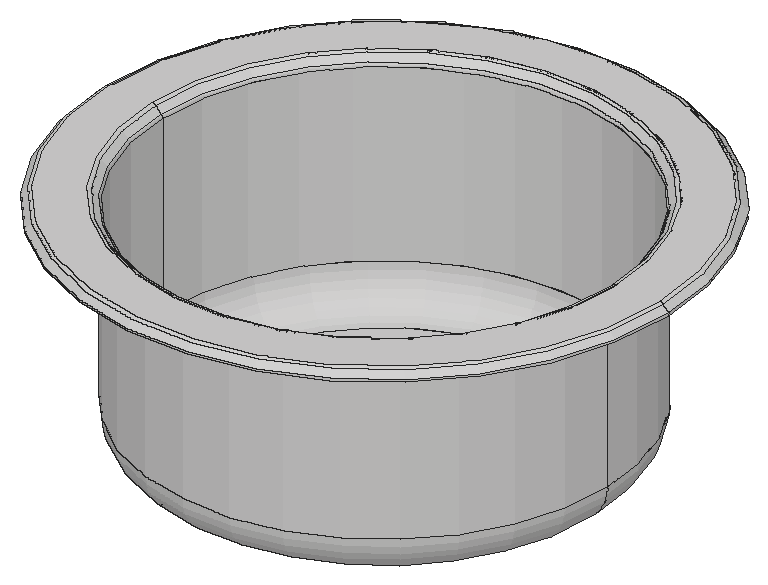
Revit family "Sink-Top_Undermount-Bar-KOHLER-Undertone_Lyric-K-3341", category Plumbing Fixtures, host Face, Revit 2017
Family settings
  Host = Face
  Round Connector Dimension = Use Diameter
  Part Type = Normal
  OmniClass Number = 23.31.13.00
  OmniClass Title = Sinks
  Cut with Voids When Loaded = No
  Shared = No
  Room Calculation Point = No
Parameters (values of type "NA-Stainless Steel")
  Width = 18 3/8"  # constant formula
  WaterSense Certified = 1 = 0  # no
  Waste Water Outlet = "Waste Water Outlet"  # constant formula
  Waste Connection = 1 = 1  # yes
  Vent Connection = 1 = 0  # no
  URL = "https://www.us.kohler.com/us/"
  Type = 1
  Product Page URL = "https://www.us.kohler.com/us/catalog/productDetails.jsp?productId=3341"
  Product Name = "Undertone Lyric"  # constant formula
  Product Documentation Link = "https://www.us.kohler.com/webassets/kpna/catalog/pdf/en/K-3341_spec_US-CA_Kohler_en.pdf"
  Model = "K-3341-NA"  # constant formula
  Material = "Premium 18-gauge stainless steel"  # constant formula
  Master Format 2014 Name = "Residential Lavatories and Sinks"  # constant formula
  Master Format 2014 = "22 41 16"  # constant formula
  Manufacturer Address = "444 Highland Dr, Kohler, WI 53044"  # constant formula
  Manufacturer = "KOHLER Co."  # constant formula
  Length = 18 3/8"  # constant formula
  Hot Water Inlet = "Hot Water Inlet"  # constant formula
  Height = 7 5/8"  # constant formula
  HW Connection = 1 = 0  # no
  Finish = Kohler-Metal-NA-Stainless
  Environmental Product Declaration = ""
  Drain Included = 1 = 0  # no
  Description = "UC SS 18 INCH ROUND SINK"  # constant formula
  Default Elevation = 36"
  Declare Label = ""
  Date Modified = "12/30/2020"  # constant formula
  Date Created = "12/30/2020"  # constant formula
  Copyright = "Copyright KOHLER Co."  # constant formula
  Contact Us = "https://www.us.kohler.com/us/static/contact.jsp"
  Cold Water Inlet = "Cold Water Inlet"  # constant formula
  CW Connection = 1 = 0  # no
  Assembly Code = "D2010400"
  ADA Compliant = 1 = 1  # yes
Reference planes (in)
  plane 1 "Center (Front/Back)": y = 0
  plane 2: z = 0
  plane 3 "Center (Left/Right)": x = 0
  plane 4: z = -1
  plane 5: z = -11.577
  plane 6: z = -8.625
  plane 7: y = 2.4375
  plane 8: y = 9.1875
  plane 9: x = -9.1875
  plane 10: y = -9.1875
  plane 11: x = 9.1875
  plane 12: x = -7.5
  plane 13: x = 7.5
  plane 14: y = 7.5
  plane 15: y = -7.5
Forms (in)
  Extrusion 1, void
    sketch origin (0, 0, 0) x (1, 0, 0) y (0, 1, 0)
      loop
        circle (0, 0) r 9.1875
    from -11.577 to -1
  Extrusion 2, void
    sketch origin (0, 0, 0) x (1, 0, 0) y (0, 1, 0)
      loop
        circle (0, 0) r 7.5
    from -1 to 2.52656
Dimensions and locks (in)
  locked: level to plane 4 at 1
  "Height": plane 4 to plane 6
  plane 4 to plane 5 = 10.577"
  level to plane 4 = 1"
  plane 6 to plane 4 = 7 5/8"
  plane 5 to plane 4 = 10.577"
  "Width": plane 9 to plane 11
  "Length": plane 10 to plane 8
  plane 7 to plane 8 = 6 3/4"
  plane 14 to plane 8 = 1 11/16"
  plane 9 to plane 3 "Center (Left/Right)" = 9 3/16"
  aligned and locked: plane 2 to host face
  aligned and locked: level to host face
Automatic sketch dimensions
  host sketch curve to host sketch curve = 96"  (x2)
  Extrusion 1 sketch curve to Extrusion 1 sketch curve = 0"  (x2)
  plane 1 "Center (Front/Back)" to Extrusion 1 sketch curve = 0"
  Extrusion 1 sketch curve to plane 9 = 0"
  Extrusion 1 sketch curve to plane 3 "Center (Left/Right)" = 0"
  Extrusion 2 sketch curve to Extrusion 2 sketch curve = 0"  (x2)
  plane 1 "Center (Front/Back)" to Extrusion 2 sketch curve = 0"
  Extrusion 2 sketch curve to plane 12 = 0"
  Extrusion 2 sketch curve to plane 3 "Center (Left/Right)" = 0"
Nested families (in)
  nested 1: "K-3341" at (0, 0, 0), type "K-3341"
Connectors (in)
  piping at (0, 2.4375, -11.577), diameter 1.5, driven by "Waste Connection", driven by "Waste Water Outlet"
    settings: on nested 1, index 1, connector inside diameter 24", connector length 0", flow factor 0, pipe flow 0 GPM, pressure drop 0.00 psi, fitting loss kfactor 0, connector angle 0.00°, fixture units 0, engagement length 0", angle of deflection 0.00°, flow configuration 0, flow direction 2, fitting loss method 0, system type 16, joint type 0, gender type 0, connector reference index -1, connector utility 1, adjustable connector no, is connector primary yes, connector description "Waste Water Outlet"
Definition of nested family "K-3341"
  Parameters (values of type "K-3341")
    Material = none
  Reference planes (in)
    plane 1 "Center (Front/Back)": y = 0
    plane 2: z = 0
    plane 3 "Center (Left/Right)": x = 0
    plane 4: z = -1
    plane 5: y = 9.1875
    plane 6: x = -9.1875
    plane 7: y = 2.4375
    plane 8: y = -9.1875
    plane 9: x = 9.1875
    plane 10: y = 7.5
    plane 11: x = -7.5
    plane 12: x = 7.5
    plane 13: y = -7.5
    plane 14: z = -8.625
    plane 15: z = -11.577
  Forms (in)
    Sweep 1, solid, material <- "Material", detail levels medium+fine
      path origin (0, 0, 0) x (1, 0, 0) y (0, 1, 0)
        loop
          circle (0, 0) r 7.5
      profile origin (7.5, 0, 0) x (-1, 0, 0) y (0, 0, 1)
        loop
          arc (0.10886, -1.04509) -> (0.05892, -1.01172) -> (0, -1) r 0.15396
          line (0, -1) -> (-0.44456, -1) -> (-0.44456, -1.0465) -> (0, -1.04688)
          arc (0, -1.04688) -> (0.04098, -1.05503) -> (0.07572, -1.07824) r 0.10708
          line (0.07572, -1.07824) -> (0.26501, -1.26753)
          arc (0.26501, -1.26753) -> (0.28821, -1.30225) -> (0.29635, -1.3432) r 0.10701
          line (0.29635, -1.3432) -> (0.29635, -6.95257)
          arc (0.29635, -6.95257) -> (0.6762, -7.8696) -> (1.59323, -8.24945) r 1.29688
          line (1.59323, -8.24945) -> (1.95119, -8.24945) -> (1.95119, -8.20257) -> (1.59323, -8.20257)
          arc (1.59323, -8.20257) -> (0.70935, -7.83645) -> (0.34323, -6.95257) r 1.25
          line (0.34323, -6.95257) -> (0.34323, -1.3432)
          arc (0.34323, -1.3432) -> (0.33152, -1.28431) -> (0.29816, -1.23439) r 0.15388
          line (0.29816, -1.23439) -> (0.10886, -1.04509)
    Revolve 2, solid, material <- "Material", detail levels medium+fine
      sketch origin (-26.36419, 2.4375, 48) x (-1, 0, 0) y (0, 0, 1)
        loop
          line (-23.93846, -56.3232) -> (-26.36419, -56.3232) -> (-26.36419, -59.577) -> (-25.49798, -59.577)
          arc (-25.49798, -59.577) -> (-25.40868, -59.54001) -> (-25.37169, -59.45071) r 0.12629
          line (-25.37169, -59.45071) -> (-25.37169, -59.087) -> (-25.45198, -59.087) -> (-25.42553, -59.06916) -> (-25.48299, -59.03041) -> (-25.42553, -58.99166) -> (-25.48235, -58.95333) -> (-25.42553, -58.91501) -> (-25.42553, -58.64405)
          arc (-25.42553, -58.64405) -> (-25.35797, -58.42978) -> (-25.17973, -58.293) r 0.37358
          line (-25.17973, -58.293) -> (-24.80257, -58.15573)
          arc (-24.80257, -58.15573) -> (-24.74494, -58.11088) -> (-24.72441, -58.04079) r 0.11885
          line (-24.72441, -58.04079) -> (-24.68015, -57.99653) -> (-24.68015, -57.887) -> (-24.07401, -57.887) -> (-24.11551, -57.65166)
          arc (-24.11551, -57.65166) -> (-24.14227, -57.60531) -> (-24.19256, -57.587) r 0.07825
          line (-24.19256, -57.587) -> (-24.68015, -57.587) -> (-24.68015, -57.36887) -> (-24.11419, -57.36887) -> (-24.11419, -57.24887) -> (-24.68015, -57.24887) -> (-24.68015, -56.99325) -> (-24.11419, -56.99325) -> (-24.11419, -56.86825) -> (-24.68015, -56.86825) -> (-24.68015, -56.625) -> (-24.49206, -56.625) -> (-24.08028, -56.47512)
          arc (-24.08028, -56.47512) -> (-24.06461, -56.46644) -> (-24.05239, -56.45334) r 0.05726
          line (-24.05239, -56.45334) -> (-24.00733, -56.38652)
          arc (-24.00733, -56.38652) -> (-23.97661, -56.35081) -> (-23.93846, -56.3232) r 0.20178
        axis (-26.36419, -59.577) -> (-26.36419, -56.3232)
      angle from 0 to 360
    Sweep 3, solid, material <- "Material", detail levels medium+fine
      path origin (0, 0, 0) x (1, 0, 0) y (0, 1, 0)
        loop
          circle (0, 0) r 9.1875
      profile origin (9.1875, 0, 0) x (-1, 0, 0) y (0, 0, 1)
        loop
          line (0, -1.22763) -> (0, -1.29392) -> (0.21498, -1.07894)
          arc (0.21498, -1.07894) -> (0.2505, -1.05521) -> (0.29239, -1.04688) r 0.10949
          line (0.29239, -1.04688) -> (1.26735, -1.04688) -> (1.26735, -1) -> (0.29239, -1)
          arc (0.29239, -1) -> (0.23256, -1.0119) -> (0.18183, -1.0458) r 0.15636
          line (0.18183, -1.0458) -> (0, -1.22763)
    Blend 4, solid, material <- "Material", detail levels medium+fine
      base sketch origin (0, 0, 0) x (1, 0, 0) y (0, 1, 0)
        loop
          circle (0, 2.4375) r 2.3909
      top sketch origin (0, 0, 0) x (1, 0, 0) y (0, 1, 0)
        loop
          circle (0, 0) r 5.54881
      from -8.35641 to -8.24945
    Extrusion 5, solid, material <- "Material", detail levels medium+fine
      sketch origin (0, 0, 0) x (1, 0, 0) y (0, 1, 0)
        loop
          circle (0, 0) r 5.54881
      from -8.24945 to -8.20257
    Revolve 6, void
      sketch origin (-26.36419, 2.4375, 48) x (-1, 0, 0) y (0, 0, 1)
        loop
          arc (-24.76999, -56.65033) -> (-24.72334, -56.52237) -> (-24.60527, -56.45447) r 0.19881
          line (-24.60527, -56.45447) -> (-24.41956, -56.26876)
          arc (-24.41956, -56.26876) -> (-24.34625, -56.21977) -> (-24.25977, -56.20257) r 0.22598
          line (-24.25977, -56.20257) -> (-24.07553, -56.20257) -> (-24.07553, -55.99124) -> (-26.36419, -55.99124) -> (-26.36419, -59.8457) -> (-25.59403, -59.8457) -> (-25.59403, -59.37337) -> (-25.63662, -59.37337) -> (-25.63662, -59.12524) -> (-25.56605, -58.725) -> (-25.5552, -58.58096) -> (-25.39983, -58.24778) -> (-24.88718, -58.02479)
          arc (-24.88718, -58.02479) -> (-24.8019, -57.9529) -> (-24.76999, -57.84602) r 0.19495
          line (-24.76999, -57.84602) -> (-24.76999, -56.65033)
        axis (-26.36419, -59.8457) -> (-26.36419, -55.99124)
      angle from 0 to 360
    Extrusion 7, solid, material <- "Material", detail levels medium+fine
      sketch origin (0.0001, 2.4373, 0.058) x (1, 0, 0) y (0, 1, 0)
        loop
          arc (0.52568, 0.88409) -> (0.38731, 0.91346) -> (0.27, 0.9925) r 0.37085
          line (0.27, 0.9925) -> (-0.27, 0.9925)
          arc (-0.27, 0.9925) -> (-0.38762, 0.9142) -> (-0.52568, 0.88409) r 0.38138
          line (-0.52568, 0.88409) -> (-0.9011, 0.49595)
          arc (-0.9011, 0.49595) -> (-0.92011, 0.37218) -> (-0.9925, 0.27) r 0.2723
          line (-0.9925, 0.27) -> (-0.9925, -0.27)
          arc (-0.9925, -0.27) -> (-0.92007, -0.37216) -> (-0.9011, -0.49595) r 0.27191
          line (-0.9011, -0.49595) -> (-0.52568, -0.88409)
          arc (-0.52568, -0.88409) -> (-0.38746, -0.91382) -> (-0.27, -0.9925) r 0.37586
          line (-0.27, -0.9925) -> (0.27, -0.9925)
          arc (0.27, -0.9925) -> (0.3874, -0.91367) -> (0.52568, -0.88409) r 0.37376
          line (0.52568, -0.88409) -> (0.9011, -0.49595)
          arc (0.9011, -0.49595) -> (0.92056, -0.37236) -> (0.9925, -0.27) r 0.27654
          line (0.9925, -0.27) -> (0.9925, 0.27)
          arc (0.9925, 0.27) -> (0.91972, 0.37202) -> (0.9011, 0.49595) r 0.26878
          line (0.9011, 0.49595) -> (0.52568, 0.88409)
        loop
          circle (0, 0) r 0.94721
      from -11.46 to -11.145
    Revolve 8, solid, detail levels medium+fine
      sketch origin (-26.36419, 2.4375, 48) x (-1, 0, 0) y (0, 0, 1)
        loop
          line (-26.36419, -56.36099) -> (-26.36419, -57.28295) -> (-24.94145, -57.28295)
          arc (-24.94145, -57.28295) -> (-24.87424, -57.25614) -> (-24.84395, -57.19043) r 0.09763
          line (-24.84395, -57.19043) -> (-24.81069, -56.55569)
          arc (-24.81069, -56.55569) -> (-24.77214, -56.47207) -> (-24.68662, -56.43795) r 0.12424
          line (-24.68662, -56.43795) -> (-24.59706, -56.43795)
          arc (-24.59706, -56.43795) -> (-24.57816, -56.41904) -> (-24.59706, -56.40014) r 0.01891
          line (-24.59706, -56.40014) -> (-24.67326, -56.40014)
          arc (-24.67326, -56.40014) -> (-24.78891, -56.44628) -> (-24.84104, -56.55935) r 0.16801
          line (-24.84104, -56.55935) -> (-24.87435, -57.19486)
          arc (-24.87435, -57.19486) -> (-24.89337, -57.23612) -> (-24.93556, -57.25295) r 0.0613
          line (-24.93556, -57.25295) -> (-26.21576, -57.25295) -> (-26.21576, -56.59499)
          arc (-26.21576, -56.59499) -> (-26.20387, -56.56628) -> (-26.17516, -56.55438) r 0.04061
          line (-26.17516, -56.55438) -> (-26.0236, -56.55438)
          arc (-26.0236, -56.55438) -> (-25.9987, -56.54407) -> (-25.98839, -56.51917) r 0.03521
          line (-25.98839, -56.51917) -> (-25.98839, -56.43957)
          arc (-25.98839, -56.43957) -> (-25.99712, -56.41455) -> (-26.01953, -56.40039) r 0.04022
          arc (-26.01953, -56.40039) -> (-26.19074, -56.37087) -> (-26.36419, -56.36099) r 1.52712
        axis (-26.36419, -57.28295) -> (-26.36419, -56.36099)
      angle from 0 to 360
    Extrusion 9, void
      sketch origin (0, 0, 0) x (1, 0, 0) y (0, 1, 0)
        loop
          circle (0.00434, 3.7447) r 0.09488
        loop
          circle (-0.28106, 3.7147) r 0.09488
        loop
          circle (-0.54929, 3.61707) r 0.09488
        loop
          circle (-0.79882, 3.46115) r 0.09488
        loop
          circle (-0.99777, 3.26219) r 0.09488
        loop
          circle (-1.14484, 3.01744) r 0.09488
        loop
          circle (-1.24124, 2.75256) r 0.09488
        loop
          circle (-1.27707, 2.46073) r 0.09488
        loop
          circle (-0.94944, 2.46073) r 0.09488
        loop
          circle (-0.89763, 2.75985) r 0.09488
        loop
          circle (-0.76738, 3.02689) r 0.09488
        loop
          circle (-0.5569, 3.23737) r 0.09488
        loop
          circle (-0.29428, 3.37491) r 0.09488
        loop
          circle (0.00533, 3.42121) r 0.09488
        loop
          circle (0.00533, 3.08816) r 0.09488
        loop
          circle (-0.30671, 3.00455) r 0.09488
        loop
          circle (-0.53611, 2.77515) r 0.09488
        loop
          circle (-0.61976, 2.46296) r 0.09488
        loop
          circle (0.29171, 3.7147) r 0.09488
        loop
          circle (0.55994, 3.61707) r 0.09488
        loop
          circle (0.80947, 3.46115) r 0.09488
        loop
          circle (1.00842, 3.26219) r 0.09488
        loop
          circle (1.15549, 3.01744) r 0.09488
        loop
          circle (1.25189, 2.75256) r 0.09488
        loop
          circle (1.28773, 2.46073) r 0.09488
        loop
          circle (0.96009, 2.46073) r 0.09488
        loop
          circle (0.90828, 2.75985) r 0.09488
        loop
          circle (0.77803, 3.02689) r 0.09488
        loop
          circle (0.56755, 3.23737) r 0.09488
        loop
          circle (0.30493, 3.37491) r 0.09488
        loop
          circle (0.31737, 3.00455) r 0.09488
        loop
          circle (0.54677, 2.77515) r 0.09488
        loop
          circle (0.63042, 2.46296) r 0.09488
        loop
          circle (0.00434, 1.11272) r 0.09488
        loop
          circle (-0.28106, 1.14271) r 0.09488
        loop
          circle (-0.54929, 1.24034) r 0.09488
        loop
          circle (-0.79882, 1.39626) r 0.09488
        loop
          circle (-0.99777, 1.59522) r 0.09488
        loop
          circle (-1.14484, 1.83997) r 0.09488
        loop
          circle (-1.24124, 2.10485) r 0.09488
        loop
          circle (-0.89763, 2.09756) r 0.09488
        loop
          circle (-0.76738, 1.83052) r 0.09488
        loop
          circle (-0.5569, 1.62004) r 0.09488
        loop
          circle (-0.29428, 1.48251) r 0.09488
        loop
          circle (0.00533, 1.43621) r 0.09488
        loop
          circle (0.00533, 1.76925) r 0.09488
        loop
          circle (-0.30671, 1.85286) r 0.09488
        loop
          circle (-0.53611, 2.08226) r 0.09488
        loop
          circle (0.29171, 1.14271) r 0.09488
        loop
          circle (0.55994, 1.24034) r 0.09488
        loop
          circle (0.80947, 1.39626) r 0.09488
        loop
          circle (1.00842, 1.59522) r 0.09488
        loop
          circle (1.15549, 1.83997) r 0.09488
        loop
          circle (1.25189, 2.10485) r 0.09488
        loop
          circle (0.90828, 2.09756) r 0.09488
        loop
          circle (0.77803, 1.83052) r 0.09488
        loop
          circle (0.56755, 1.62004) r 0.09488
        loop
          circle (0.30493, 1.48251) r 0.09488
        loop
          circle (0.31737, 1.85286) r 0.09488
        loop
          circle (0.54677, 2.08226) r 0.09488
      from -9.587 to -5.80507
    Extrusion 10, solid, material <- "Material", detail levels coarse
      sketch origin (0, 0, 0) x (1, 0, 0) y (0, 1, 0)
        loop
          circle (0, 2.4375) r 1.60988
      from -11.577 to -8.24945
    Extrusion 11, solid, material <- "Material", detail levels coarse
      sketch origin (0, 0, 0) x (1, 0, 0) y (0, 1, 0)
        loop
          circle (0, 0) r 7.5
      from -8.24945 to -1
    Extrusion 12, solid, material <- "Material", detail levels coarse
      sketch origin (0, 0, 0) x (1, 0, 0) y (0, 1, 0)
        loop
          circle (0, 0) r 9.1875
        loop
          circle (0, 0) r 7.5
      from -1.29392 to -1
    Extrusion 13, void
      sketch origin (0, 0, 0) x (1, 0, 0) y (0, 1, 0)
        loop
          circle (0, 0) r 7.18359
      from -7.91256 to 1.59223
  Cuts and joins
    Revolve 6 cuts Sweep 1
    Revolve 6 cuts Revolve 2
    Revolve 6 cuts Sweep 3
    Revolve 6 cuts Blend 4
    Revolve 6 cuts Extrusion 5
    joined: Sweep 1, Revolve 2, Sweep 3, Blend 4, Extrusion 5
    Extrusion 9 cuts Revolve 8
    Extrusion 13 cuts Extrusion 10
    Extrusion 13 cuts Extrusion 11
    Extrusion 13 cuts Extrusion 12
    joined: Extrusion 10, Extrusion 11, Extrusion 12
  Lines and regions (in)
    Masking region 1
      outline origin (0, 0, 0) x (1, 0, 0) y (0, 1, 0)
        loop
          circle (0, 0) r 9.1875
    Masking region 2
      outline origin (-26.36419, 2.4375, 48) x (-1, 0, 0) y (0, 0, 1)
        loop
          arc (-24.00203, -56.37867) -> (-23.98428, -56.36241) -> (-23.96107, -56.35599) r 0.05151
          line (-23.96107, -56.35599) -> (-20.3679, -56.23429)
          arc (-20.3679, -56.23429) -> (-19.51149, -55.8538) -> (-19.16021, -54.98501) r 1.25
          line (-19.16021, -54.98501) -> (-19.16021, -49.34055)
          arc (-19.16021, -49.34055) -> (-19.15735, -49.31656) -> (-19.14894, -49.29392) r 0.1021
          line (-19.14894, -49.29392) -> (-17.17669, -49.29392) -> (-17.17669, -49.22763) -> (-17.35892, -49.0454)
          arc (-17.35892, -49.0454) -> (-17.4092, -49.0118) -> (-17.46852, -49) r 0.15501
          line (-17.46852, -49) -> (-34.91067, -49) -> (-35.25986, -49)
          arc (-35.25986, -49) -> (-35.31918, -49.0118) -> (-35.36946, -49.0454) r 0.15501
          line (-35.36946, -49.0454) -> (-35.55169, -49.22763) -> (-35.55169, -49.29392) -> (-33.57944, -49.29392)
          arc (-33.57944, -49.29392) -> (-33.57103, -49.31656) -> (-33.56817, -49.34055) r 0.1021
          line (-33.56817, -49.34055) -> (-33.56817, -54.98501)
          arc (-33.56817, -54.98501) -> (-33.21689, -55.8538) -> (-32.36048, -56.23429) r 1.25
          line (-32.36048, -56.23429) -> (-28.76731, -56.35599)
          arc (-28.76731, -56.35599) -> (-28.7441, -56.36241) -> (-28.72635, -56.37867) r 0.05151
          line (-28.72635, -56.37867) -> (-28.67598, -56.45334)
          arc (-28.67598, -56.45334) -> (-28.66377, -56.46644) -> (-28.6481, -56.47512) r 0.05726
          line (-28.6481, -56.47512) -> (-28.23632, -56.625) -> (-28.04823, -56.625) -> (-28.04823, -56.86825) -> (-28.61419, -56.86825) -> (-28.61419, -56.99325) -> (-28.04823, -56.99325) -> (-28.04823, -57.24887) -> (-28.61419, -57.24888) -> (-28.61419, -57.36888) -> (-28.04823, -57.36888) -> (-28.04823, -57.587) -> (-28.53582, -57.587)
          arc (-28.53582, -57.587) -> (-28.58611, -57.60531) -> (-28.61287, -57.65166) r 0.07825
          line (-28.61287, -57.65166) -> (-28.65437, -57.887) -> (-28.04823, -57.887) -> (-28.04823, -57.99653) -> (-28.00397, -58.04079)
          arc (-28.00397, -58.04079) -> (-27.98344, -58.11088) -> (-27.92581, -58.15573) r 0.11885
          line (-27.92581, -58.15573) -> (-27.54865, -58.293)
          arc (-27.54865, -58.293) -> (-27.37041, -58.42978) -> (-27.30285, -58.64405) r 0.37358
          line (-27.30285, -58.64405) -> (-27.30285, -58.91501) -> (-27.24603, -58.95333) -> (-27.30285, -58.99166) -> (-27.24539, -59.03041) -> (-27.30285, -59.06916) -> (-27.2764, -59.087) -> (-27.35669, -59.087) -> (-27.35669, -59.45071)
          arc (-27.35669, -59.45071) -> (-27.3197, -59.54001) -> (-27.2304, -59.577) r 0.12629
          line (-27.2304, -59.577) -> (-26.36419, -59.577) -> (-25.49798, -59.577)
          arc (-25.49798, -59.577) -> (-25.40868, -59.54001) -> (-25.37169, -59.45071) r 0.12629
          line (-25.37169, -59.45071) -> (-25.37169, -59.087) -> (-25.45198, -59.087) -> (-25.42553, -59.06916) -> (-25.48299, -59.03041) -> (-25.42553, -58.99166) -> (-25.48235, -58.95333) -> (-25.42553, -58.91501) -> (-25.42553, -58.64405)
          arc (-25.42553, -58.64405) -> (-25.35797, -58.42978) -> (-25.17973, -58.293) r 0.37358
          line (-25.17973, -58.293) -> (-24.80257, -58.15573)
          arc (-24.80257, -58.15573) -> (-24.74494, -58.11088) -> (-24.72441, -58.04079) r 0.11885
          line (-24.72441, -58.04079) -> (-24.68015, -57.99653) -> (-24.68015, -57.887) -> (-24.07401, -57.887) -> (-24.11551, -57.65166)
          arc (-24.11551, -57.65166) -> (-24.14227, -57.60531) -> (-24.19256, -57.587) r 0.07825
          line (-24.19256, -57.587) -> (-24.68015, -57.587) -> (-24.68015, -57.36887) -> (-24.11419, -57.36887) -> (-24.11419, -57.24887) -> (-24.68015, -57.24887) -> (-24.68015, -56.99325) -> (-24.11419, -56.99325) -> (-24.11419, -56.86825) -> (-24.68015, -56.86825) -> (-24.68015, -56.625) -> (-24.49206, -56.625) -> (-24.08028, -56.47512)
          arc (-24.08028, -56.47512) -> (-24.06461, -56.46644) -> (-24.05239, -56.45334) r 0.05726
          line (-24.05239, -56.45334) -> (-24.00203, -56.37867)
    Masking region 3
      outline origin (0, 0, 0) x (0, 1, 0) y (0, 0, 1)
        loop
          arc (4.80018, -8.3779) -> (4.81638, -8.36253) -> (4.83756, -8.35544) r 0.05159
          line (4.83756, -8.35544) -> (6.08454, -8.22438)
          arc (6.08454, -8.22438) -> (6.88281, -7.81764) -> (7.20388, -6.98123) r 1.25
          line (7.20388, -6.98123) -> (7.20388, -1.3443)
          arc (7.20388, -1.3443) -> (7.20675, -1.31848) -> (7.21522, -1.29392) r 0.11764
          line (7.21522, -1.29392) -> (9.1875, -1.29392) -> (9.1875, -1.22763) -> (9.00707, -1.0472)
          arc (9.00707, -1.0472) -> (8.95479, -1.01227) -> (8.89312, -1) r 0.16115
          line (8.89312, -1) -> (8.14441, -1) -> (-8.89312, -1)
          arc (-8.89312, -1) -> (-8.95479, -1.01227) -> (-9.00707, -1.0472) r 0.16115
          line (-9.00707, -1.0472) -> (-9.1875, -1.22763) -> (-9.1875, -1.29392) -> (-7.21522, -1.29392)
          arc (-7.21522, -1.29392) -> (-7.20675, -1.31848) -> (-7.20388, -1.3443) r 0.11764
          line (-7.20388, -1.3443) -> (-7.20388, -6.94531)
          arc (-7.20388, -6.94531) -> (-6.82906, -7.86151) -> (-5.91954, -8.25227) r 1.30716
          line (-5.91954, -8.25227) -> (0.03708, -8.35624)
          arc (0.03708, -8.35624) -> (0.05775, -8.36168) -> (0.07358, -8.37606) r 0.04498
          line (0.07358, -8.37606) -> (0.12571, -8.45334)
          arc (0.12571, -8.45334) -> (0.13792, -8.46644) -> (0.15359, -8.47512) r 0.05726
          line (0.15359, -8.47512) -> (0.56537, -8.625) -> (0.75346, -8.625) -> (0.75346, -8.86825) -> (0.1875, -8.86825) -> (0.1875, -8.99325) -> (0.75346, -8.99325) -> (0.75346, -9.24888) -> (0.1875, -9.24888) -> (0.1875, -9.36888) -> (0.75346, -9.36888) -> (0.75346, -9.587) -> (0.26587, -9.587)
          arc (0.26587, -9.587) -> (0.21558, -9.60531) -> (0.18882, -9.65166) r 0.07825
          line (0.18882, -9.65166) -> (0.14732, -9.887) -> (0.75346, -9.887) -> (0.75346, -9.99653) -> (0.79772, -10.04079)
          arc (0.79772, -10.04079) -> (0.81825, -10.11088) -> (0.87588, -10.15573) r 0.11885
          line (0.87588, -10.15573) -> (1.25304, -10.293)
          arc (1.25304, -10.293) -> (1.43128, -10.42978) -> (1.49884, -10.64405) r 0.37358
          line (1.49884, -10.64405) -> (1.49884, -10.91501) -> (1.55566, -10.95333) -> (1.49884, -10.99166) -> (1.5563, -11.03041) -> (1.49884, -11.06916) -> (1.52529, -11.087) -> (1.445, -11.087) -> (1.445, -11.45071)
          arc (1.445, -11.45071) -> (1.48199, -11.54001) -> (1.57129, -11.577) r 0.12629
          line (1.57129, -11.577) -> (2.4375, -11.577) -> (3.30371, -11.577)
          arc (3.30371, -11.577) -> (3.39301, -11.54001) -> (3.43, -11.45071) r 0.12629
          line (3.43, -11.45071) -> (3.43, -11.087) -> (3.34971, -11.087) -> (3.37616, -11.06916) -> (3.3187, -11.03041) -> (3.37616, -10.99166) -> (3.31934, -10.95333) -> (3.37616, -10.91501) -> (3.37616, -10.64405)
          arc (3.37616, -10.64405) -> (3.44372, -10.42978) -> (3.62196, -10.293) r 0.37358
          line (3.62196, -10.293) -> (3.99912, -10.15573)
          arc (3.99912, -10.15573) -> (4.05675, -10.11088) -> (4.07728, -10.04079) r 0.11885
          line (4.07728, -10.04079) -> (4.12154, -9.99653) -> (4.12154, -9.887) -> (4.72768, -9.887) -> (4.68618, -9.65166)
          arc (4.68618, -9.65166) -> (4.65942, -9.60531) -> (4.60913, -9.587) r 0.07825
          line (4.60913, -9.587) -> (4.12154, -9.587) -> (4.12154, -9.36888) -> (4.6875, -9.36888) -> (4.6875, -9.24888) -> (4.12154, -9.24888) -> (4.12154, -8.99325) -> (4.6875, -8.99325) -> (4.6875, -8.86825) -> (4.12154, -8.86825) -> (4.12154, -8.625) -> (4.30963, -8.625) -> (4.72141, -8.47512)
          arc (4.72141, -8.47512) -> (4.73708, -8.46644) -> (4.74929, -8.45334) r 0.05726
          line (4.74929, -8.45334) -> (4.80018, -8.3779)
    symbolic lines
      curve 1: arc (7.5, 0, 0) -> (0, 7.5, 0) -> (-7.5, 0, 0) r 7.5
      curve 2: arc (-7.5, 0, 0) -> (0, -7.5, 0) -> (7.5, 0, 0) r 7.5
      curve 5: circle (0, 2.4375, 0) r 1.9033 normal (0, 0, 1)
    symbolic lines, detail levels medium+fine
      curve 3: arc (7.18359, 0, 0) -> (0, 7.18359, 0) -> (-7.18359, 0, 0) r 7.18359
      curve 4: arc (-7.18359, 0, 0) -> (0, -7.18359, 0) -> (7.18359, 0, 0) r 7.18359
      curve 6: arc (-0.6468, 3.64552, 0) -> (-0.55192, 3.55064, 0) -> (-0.45704, 3.64552, 0) r 0.09488
      curve 7: arc (-0.45704, 3.64552, 0) -> (-0.55192, 3.7404, 0) -> (-0.6468, 3.64552, 0) r 0.09488
      curve 8: arc (-0.18881, 3.74315, 0) -> (-0.28369, 3.83803, 0) -> (-0.37857, 3.74315, 0) r 0.09488
      curve 9: arc (-0.37857, 3.74315, 0) -> (-0.28369, 3.64826, 0) -> (-0.18881, 3.74315, 0) r 0.09488
      curve 10: arc (0.09659, 3.77314, 0) -> (0.00171, 3.86803, 0) -> (-0.09318, 3.77314, 0) r 0.09488
      curve 11: arc (-0.09318, 3.77314, 0) -> (0.00171, 3.67826, 0) -> (0.09659, 3.77314, 0) r 0.09488
      curve 12: arc (-0.70657, 3.4896, 0) -> (-0.80145, 3.58448, 0) -> (-0.89634, 3.4896, 0) r 0.09488
      curve 13: arc (-0.89634, 3.4896, 0) -> (-0.80145, 3.39471, 0) -> (-0.70657, 3.4896, 0) r 0.09488
      curve 14: arc (-0.90553, 3.29064, 0) -> (-1.00041, 3.38552, 0) -> (-1.09529, 3.29064, 0) r 0.09488
      curve 15: arc (-1.09529, 3.29064, 0) -> (-1.00041, 3.19576, 0) -> (-0.90553, 3.29064, 0) r 0.09488
      curve 16: arc (-1.149, 2.78101, 0) -> (-1.24388, 2.87589, 0) -> (-1.33876, 2.78101, 0) r 0.09488
      curve 17: arc (-1.33876, 2.78101, 0) -> (-1.24388, 2.68613, 0) -> (-1.149, 2.78101, 0) r 0.09488
      curve 18: arc (-1.05259, 3.04589, 0) -> (-1.14747, 3.14077, 0) -> (-1.24235, 3.04589, 0) r 0.09488
      curve 19: arc (-1.24235, 3.04589, 0) -> (-1.14747, 2.951, 0) -> (-1.05259, 3.04589, 0) r 0.09488
      curve 20: arc (-0.67513, 3.05534, 0) -> (-0.77001, 3.15022, 0) -> (-0.86489, 3.05534, 0) r 0.09488
      curve 21: arc (-0.86489, 3.05534, 0) -> (-0.77001, 2.96046, 0) -> (-0.67513, 3.05534, 0) r 0.09488
      curve 22: arc (-0.46465, 3.26582, 0) -> (-0.55953, 3.3607, 0) -> (-0.65442, 3.26582, 0) r 0.09488
      curve 23: arc (-0.65442, 3.26582, 0) -> (-0.55953, 3.17094, 0) -> (-0.46465, 3.26582, 0) r 0.09488
      curve 24: arc (-0.80538, 2.7883, 0) -> (-0.90026, 2.88318, 0) -> (-0.99515, 2.7883, 0) r 0.09488
      curve 25: arc (-0.99515, 2.7883, 0) -> (-0.90026, 2.69341, 0) -> (-0.80538, 2.7883, 0) r 0.09488
      curve 26: arc (-0.20203, 3.40335, 0) -> (-0.29691, 3.49824, 0) -> (-0.39179, 3.40335, 0) r 0.09488
      curve 27: arc (-0.39179, 3.40335, 0) -> (-0.29691, 3.30847, 0) -> (-0.20203, 3.40335, 0) r 0.09488
      curve 28: arc (0.09757, 3.44965, 0) -> (0.00269, 3.54454, 0) -> (-0.09219, 3.44965, 0) r 0.09488
      curve 29: arc (-0.09219, 3.44965, 0) -> (0.00269, 3.35477, 0) -> (0.09757, 3.44965, 0) r 0.09488
      curve 30: arc (0.09757, 3.11661, 0) -> (0.00269, 3.21149, 0) -> (-0.09219, 3.11661, 0) r 0.09488
      curve 31: arc (-0.09219, 3.11661, 0) -> (0.00269, 3.02173, 0) -> (0.09757, 3.11661, 0) r 0.09488
      curve 32: arc (-0.21447, 3.033, 0) -> (-0.30935, 3.12788, 0) -> (-0.40423, 3.033, 0) r 0.09488
      curve 33: arc (-0.40423, 3.033, 0) -> (-0.30935, 2.93811, 0) -> (-0.21447, 3.033, 0) r 0.09488
      curve 34: arc (-0.63363, 2.8036, 0) -> (-0.53875, 2.70872, 0) -> (-0.44387, 2.8036, 0) r 0.09488
      curve 35: arc (-0.44387, 2.8036, 0) -> (-0.53875, 2.89848, 0) -> (-0.63363, 2.8036, 0) r 0.09488
      curve 36: arc (-0.71728, 2.46016, 0) -> (-0.6224, 2.36528, 0) -> (-0.52752, 2.46016, 0) r 0.09488
      curve 37: arc (-0.52752, 2.46016, 0) -> (-0.6224, 2.55504, 0) -> (-0.71728, 2.46016, 0) r 0.09488
      curve 38: arc (-0.85719, 2.45793, 0) -> (-0.95208, 2.55281, 0) -> (-1.04696, 2.45793, 0) r 0.09488
      curve 39: arc (-1.04696, 2.45793, 0) -> (-0.95208, 2.36305, 0) -> (-0.85719, 2.45793, 0) r 0.09488
      curve 40: arc (-1.37459, 2.45793, 0) -> (-1.27971, 2.36305, 0) -> (-1.18483, 2.45793, 0) r 0.09488
      curve 41: arc (-1.18483, 2.45793, 0) -> (-1.27971, 2.55281, 0) -> (-1.37459, 2.45793, 0) r 0.09488
      curve 42: arc (0.65219, 3.64552, 0) -> (0.5573, 3.55064, 0) -> (0.46242, 3.64552, 0) r 0.09488
      curve 43: arc (0.46242, 3.64552, 0) -> (0.5573, 3.7404, 0) -> (0.65219, 3.64552, 0) r 0.09488
      curve 44: arc (0.19419, 3.74315, 0) -> (0.28907, 3.83803, 0) -> (0.38396, 3.74315, 0) r 0.09488
      curve 45: arc (0.38396, 3.74315, 0) -> (0.28907, 3.64826, 0) -> (0.19419, 3.74315, 0) r 0.09488
      curve 46: arc (0.71195, 3.4896, 0) -> (0.80683, 3.58448, 0) -> (0.90172, 3.4896, 0) r 0.09488
      curve 47: arc (0.90172, 3.4896, 0) -> (0.80683, 3.39471, 0) -> (0.71195, 3.4896, 0) r 0.09488
      curve 48: arc (0.91091, 3.29064, 0) -> (1.00579, 3.38552, 0) -> (1.10067, 3.29064, 0) r 0.09488
      curve 49: arc (1.10067, 3.29064, 0) -> (1.00579, 3.19576, 0) -> (0.91091, 3.29064, 0) r 0.09488
      curve 50: arc (1.15438, 2.78101, 0) -> (1.24926, 2.87589, 0) -> (1.34414, 2.78101, 0) r 0.09488
      curve 51: arc (1.34414, 2.78101, 0) -> (1.24926, 2.68613, 0) -> (1.15438, 2.78101, 0) r 0.09488
      curve 52: arc (1.05797, 3.04589, 0) -> (1.15285, 3.14077, 0) -> (1.24773, 3.04589, 0) r 0.09488
      curve 53: arc (1.24773, 3.04589, 0) -> (1.15285, 2.951, 0) -> (1.05797, 3.04589, 0) r 0.09488
      curve 54: arc (0.68051, 3.05534, 0) -> (0.77539, 3.15022, 0) -> (0.87028, 3.05534, 0) r 0.09488
      curve 55: arc (0.87028, 3.05534, 0) -> (0.77539, 2.96046, 0) -> (0.68051, 3.05534, 0) r 0.09488
      curve 56: arc (0.47003, 3.26582, 0) -> (0.56492, 3.3607, 0) -> (0.6598, 3.26582, 0) r 0.09488
      curve 57: arc (0.6598, 3.26582, 0) -> (0.56492, 3.17094, 0) -> (0.47003, 3.26582, 0) r 0.09488
      curve 58: arc (0.81076, 2.7883, 0) -> (0.90565, 2.88318, 0) -> (1.00053, 2.7883, 0) r 0.09488
      curve 59: arc (1.00053, 2.7883, 0) -> (0.90565, 2.69341, 0) -> (0.81076, 2.7883, 0) r 0.09488
      curve 60: arc (0.20741, 3.40335, 0) -> (0.30229, 3.49824, 0) -> (0.39717, 3.40335, 0) r 0.09488
      curve 61: arc (0.39717, 3.40335, 0) -> (0.30229, 3.30847, 0) -> (0.20741, 3.40335, 0) r 0.09488
      curve 62: arc (0.21985, 3.033, 0) -> (0.31473, 3.12788, 0) -> (0.40961, 3.033, 0) r 0.09488
      curve 63: arc (0.40961, 3.033, 0) -> (0.31473, 2.93811, 0) -> (0.21985, 3.033, 0) r 0.09488
      curve 64: arc (0.63901, 2.8036, 0) -> (0.54413, 2.70872, 0) -> (0.44925, 2.8036, 0) r 0.09488
      curve 65: arc (0.44925, 2.8036, 0) -> (0.54413, 2.89848, 0) -> (0.63901, 2.8036, 0) r 0.09488
      curve 66: arc (0.72266, 2.46016, 0) -> (0.62778, 2.36528, 0) -> (0.5329, 2.46016, 0) r 0.09488
      curve 67: arc (0.5329, 2.46016, 0) -> (0.62778, 2.55504, 0) -> (0.72266, 2.46016, 0) r 0.09488
      curve 68: arc (0.86258, 2.45793, 0) -> (0.95746, 2.55281, 0) -> (1.05234, 2.45793, 0) r 0.09488
      curve 69: arc (1.05234, 2.45793, 0) -> (0.95746, 2.36305, 0) -> (0.86258, 2.45793, 0) r 0.09488
      curve 70: arc (1.37997, 2.45793, 0) -> (1.28509, 2.36305, 0) -> (1.19021, 2.45793, 0) r 0.09488
      curve 71: arc (1.19021, 2.45793, 0) -> (1.28509, 2.55281, 0) -> (1.37997, 2.45793, 0) r 0.09488
      curve 72: arc (-0.6468, 1.26879, 0) -> (-0.55192, 1.36367, 0) -> (-0.45704, 1.26879, 0) r 0.09488
      curve 73: arc (-0.45704, 1.26879, 0) -> (-0.55192, 1.17391, 0) -> (-0.6468, 1.26879, 0) r 0.09488
      curve 74: arc (-0.18881, 1.17116, 0) -> (-0.28369, 1.07628, 0) -> (-0.37857, 1.17116, 0) r 0.09488
      curve 75: arc (-0.37857, 1.17116, 0) -> (-0.28369, 1.26604, 0) -> (-0.18881, 1.17116, 0) r 0.09488
      curve 76: arc (0.09659, 1.14116, 0) -> (0.00171, 1.04628, 0) -> (-0.09318, 1.14116, 0) r 0.09488
      curve 77: arc (-0.09318, 1.14116, 0) -> (0.00171, 1.23605, 0) -> (0.09659, 1.14116, 0) r 0.09488
      curve 78: arc (-0.70657, 1.42471, 0) -> (-0.80145, 1.32983, 0) -> (-0.89634, 1.42471, 0) r 0.09488
      curve 79: arc (-0.89634, 1.42471, 0) -> (-0.80145, 1.51959, 0) -> (-0.70657, 1.42471, 0) r 0.09488
      curve 80: arc (-0.90553, 1.62367, 0) -> (-1.00041, 1.52878, 0) -> (-1.09529, 1.62367, 0) r 0.09488
      curve 81: arc (-1.09529, 1.62367, 0) -> (-1.00041, 1.71855, 0) -> (-0.90553, 1.62367, 0) r 0.09488
      curve 82: arc (-1.149, 2.1333, 0) -> (-1.24388, 2.03841, 0) -> (-1.33876, 2.1333, 0) r 0.09488
      curve 83: arc (-1.33876, 2.1333, 0) -> (-1.24388, 2.22818, 0) -> (-1.149, 2.1333, 0) r 0.09488
      curve 84: arc (-1.05259, 1.86842, 0) -> (-1.14747, 1.77354, 0) -> (-1.24235, 1.86842, 0) r 0.09488
      curve 85: arc (-1.24235, 1.86842, 0) -> (-1.14747, 1.9633, 0) -> (-1.05259, 1.86842, 0) r 0.09488
      curve 86: arc (-0.67513, 1.85897, 0) -> (-0.77001, 1.76408, 0) -> (-0.86489, 1.85897, 0) r 0.09488
      curve 87: arc (-0.86489, 1.85897, 0) -> (-0.77001, 1.95385, 0) -> (-0.67513, 1.85897, 0) r 0.09488
      curve 88: arc (-0.46465, 1.64849, 0) -> (-0.55953, 1.55361, 0) -> (-0.65442, 1.64849, 0) r 0.09488
      curve 89: arc (-0.65442, 1.64849, 0) -> (-0.55953, 1.74337, 0) -> (-0.46465, 1.64849, 0) r 0.09488
      curve 90: arc (-0.80538, 2.12601, 0) -> (-0.90026, 2.03113, 0) -> (-0.99515, 2.12601, 0) r 0.09488
      curve 91: arc (-0.99515, 2.12601, 0) -> (-0.90026, 2.22089, 0) -> (-0.80538, 2.12601, 0) r 0.09488
      curve 92: arc (-0.20203, 1.51095, 0) -> (-0.29691, 1.41607, 0) -> (-0.39179, 1.51095, 0) r 0.09488
      curve 93: arc (-0.39179, 1.51095, 0) -> (-0.29691, 1.60584, 0) -> (-0.20203, 1.51095, 0) r 0.09488
      curve 94: arc (0.09757, 1.46465, 0) -> (0.00269, 1.36977, 0) -> (-0.09219, 1.46465, 0) r 0.09488
      curve 95: arc (-0.09219, 1.46465, 0) -> (0.00269, 1.55954, 0) -> (0.09757, 1.46465, 0) r 0.09488
      curve 96: arc (0.09757, 1.7977, 0) -> (0.00269, 1.70282, 0) -> (-0.09219, 1.7977, 0) r 0.09488
      curve 97: arc (-0.09219, 1.7977, 0) -> (0.00269, 1.89258, 0) -> (0.09757, 1.7977, 0) r 0.09488
      curve 98: arc (-0.21447, 1.88131, 0) -> (-0.30935, 1.78643, 0) -> (-0.40423, 1.88131, 0) r 0.09488
      curve 99: arc (-0.40423, 1.88131, 0) -> (-0.30935, 1.97619, 0) -> (-0.21447, 1.88131, 0) r 0.09488
      curve 100: arc (-0.63363, 2.11071, 0) -> (-0.53875, 2.20559, 0) -> (-0.44387, 2.11071, 0) r 0.09488
      curve 101: arc (-0.44387, 2.11071, 0) -> (-0.53875, 2.01583, 0) -> (-0.63363, 2.11071, 0) r 0.09488
      curve 102: arc (0.65219, 1.26879, 0) -> (0.5573, 1.36367, 0) -> (0.46242, 1.26879, 0) r 0.09488
      curve 103: arc (0.46242, 1.26879, 0) -> (0.5573, 1.17391, 0) -> (0.65219, 1.26879, 0) r 0.09488
      curve 104: arc (0.19419, 1.17116, 0) -> (0.28907, 1.07628, 0) -> (0.38396, 1.17116, 0) r 0.09488
      curve 105: arc (0.38396, 1.17116, 0) -> (0.28907, 1.26604, 0) -> (0.19419, 1.17116, 0) r 0.09488
      curve 106: arc (0.71195, 1.42471, 0) -> (0.80683, 1.32983, 0) -> (0.90172, 1.42471, 0) r 0.09488
      curve 107: arc (0.90172, 1.42471, 0) -> (0.80683, 1.51959, 0) -> (0.71195, 1.42471, 0) r 0.09488
      curve 108: arc (0.91091, 1.62367, 0) -> (1.00579, 1.52878, 0) -> (1.10067, 1.62367, 0) r 0.09488
      curve 109: arc (1.10067, 1.62367, 0) -> (1.00579, 1.71855, 0) -> (0.91091, 1.62367, 0) r 0.09488
      curve 110: arc (1.15438, 2.1333, 0) -> (1.24926, 2.03841, 0) -> (1.34414, 2.1333, 0) r 0.09488
      curve 111: arc (1.34414, 2.1333, 0) -> (1.24926, 2.22818, 0) -> (1.15438, 2.1333, 0) r 0.09488
      curve 112: arc (1.05797, 1.86842, 0) -> (1.15285, 1.77354, 0) -> (1.24773, 1.86842, 0) r 0.09488
      curve 113: arc (1.24773, 1.86842, 0) -> (1.15285, 1.9633, 0) -> (1.05797, 1.86842, 0) r 0.09488
      curve 114: arc (0.68051, 1.85897, 0) -> (0.77539, 1.76408, 0) -> (0.87028, 1.85897, 0) r 0.09488
      curve 115: arc (0.87028, 1.85897, 0) -> (0.77539, 1.95385, 0) -> (0.68051, 1.85897, 0) r 0.09488
      curve 116: arc (0.47003, 1.64849, 0) -> (0.56492, 1.55361, 0) -> (0.6598, 1.64849, 0) r 0.09488
      curve 117: arc (0.6598, 1.64849, 0) -> (0.56492, 1.74337, 0) -> (0.47003, 1.64849, 0) r 0.09488
      curve 118: arc (0.81076, 2.12601, 0) -> (0.90565, 2.03113, 0) -> (1.00053, 2.12601, 0) r 0.09488
      curve 119: arc (1.00053, 2.12601, 0) -> (0.90565, 2.22089, 0) -> (0.81076, 2.12601, 0) r 0.09488
      curve 120: arc (0.20741, 1.51095, 0) -> (0.30229, 1.41607, 0) -> (0.39717, 1.51095, 0) r 0.09488
      curve 121: arc (0.39717, 1.51095, 0) -> (0.30229, 1.60584, 0) -> (0.20741, 1.51095, 0) r 0.09488
      curve 122: arc (0.21985, 1.88131, 0) -> (0.31473, 1.78643, 0) -> (0.40961, 1.88131, 0) r 0.09488
      curve 123: arc (0.40961, 1.88131, 0) -> (0.31473, 1.97619, 0) -> (0.21985, 1.88131, 0) r 0.09488
      curve 124: arc (0.63901, 2.11071, 0) -> (0.54413, 2.20559, 0) -> (0.44925, 2.11071, 0) r 0.09488
      curve 125: arc (0.44925, 2.11071, 0) -> (0.54413, 2.01583, 0) -> (0.63901, 2.11071, 0) r 0.09488
      curve 126: circle (0.00269, 2.43372, 0) r 0.37494 normal (0, 0, 1)
      curve 127: circle (0, 2.4375, 0) r 1.60988 normal (0, 0, 1)
      curve 128: line (-0.9924, 2.4375, -11.402) -> (0.9926, 2.4375, -11.402)
      curve 129: line (-0.94711, 2.4375, -11.087) -> (0.94731, 2.4375, -11.087)
      curve 130: line (-0.901, 2.4375, -11.402) -> (-0.901, 2.4375, -11.087)
      curve 131: line (-0.52558, 2.4375, -11.402) -> (-0.52558, 2.4375, -11.087)
      curve 132: line (-0.2699, 2.4375, -11.402) -> (-0.2699, 2.4375, -11.087)
      curve 133: line (0.2701, 2.4375, -11.402) -> (0.2701, 2.4375, -11.087)
      curve 134: line (0.52577, 2.4375, -11.402) -> (0.52577, 2.4375, -11.087)
      curve 135: line (0.9012, 2.4375, -11.402) -> (0.9012, 2.4375, -11.087)
      curve 136: line (-0.8812, 2.4375, -11.03041) -> (0.8812, 2.4375, -11.03041)
      curve 137: line (-0.88184, 2.4375, -10.95333) -> (0.88184, 2.4375, -10.95333)
      curve 138: line (-0.93866, 2.4375, -10.91501) -> (0.93866, 2.4375, -10.91501)
      curve 139: line (-0.93866, 2.4375, -10.64405) -> (0.93866, 2.4375, -10.64405)
      curve 140: line (-1.63978, 2.4375, -10.04079) -> (1.63978, 2.4375, -10.04079)
      curve 141: line (-1.68404, 2.4375, -9.99653) -> (1.68404, 2.4375, -9.99653)
      curve 142: line (-1.68404, 2.4375, -9.887) -> (1.68404, 2.4375, -9.887)
      curve 143: line (-2.17163, 2.4375, -9.587) -> (2.17163, 2.4375, -9.587)
      curve 144: line (-2.25, 2.4375, -9.36888) -> (2.25, 2.4375, -9.36888)
      curve 145: line (-2.25, 2.4375, -9.24888) -> (2.25, 2.4375, -9.24888)
      curve 146: line (-2.25, 2.4375, -8.99325) -> (2.25, 2.4375, -8.99325)
      curve 147: line (-2.25, 2.4375, -8.86825) -> (2.25, 2.4375, -8.86825)
      curve 148: line (-1.87213, 2.4375, -8.625) -> (1.87213, 2.4375, -8.625)
      curve 149: line (2.3909, 2.4375, -8.35641) -> (-2.3909, 2.4375, -8.35641)
      curve 150: line (9.1875, 2.4375, -1.22763) -> (-9.1875, 2.4375, -1.22763)
      curve 151: line (9.1875, 2.4375, -1.29392) -> (-9.1875, 2.4375, -1.29392)
      curve 152: line (-7.20398, 2.4375, -1.34055) -> (7.20398, 2.4375, -1.34055)
      curve 153: line (0, 1.4448, -11.402) -> (0, 3.4298, -11.402)
      curve 154: line (0, 3.4298, -11.087) -> (0, 1.4448, -11.087)
      curve 155: line (0, 3.32139, -11.402) -> (0, 3.32139, -11.087)
      curve 156: line (0, 2.93325, -11.402) -> (0, 2.93325, -11.087)
      curve 157: line (0, 2.7073, -11.402) -> (0, 2.7073, -11.087)
      curve 158: line (0, 2.1673, -11.402) -> (0, 2.1673, -11.087)
      curve 159: line (0, 1.94134, -11.402) -> (0, 1.94134, -11.087)
      curve 160: line (0, 1.5532, -11.402) -> (0, 1.5532, -11.087)
      curve 161: line (0, 3.3187, -11.03041) -> (0, 1.5563, -11.03041)
      curve 162: line (0, 3.31934, -10.95333) -> (0, 1.55566, -10.95333)
      curve 163: line (0, 3.37616, -10.91501) -> (0, 1.49884, -10.91501)
      curve 164: line (0, 3.37616, -10.64405) -> (0, 1.49884, -10.64405)
      curve 165: line (0, 4.07728, -10.04079) -> (0, 0.79772, -10.04079)
      curve 166: line (0, 4.12154, -9.99653) -> (0, 0.75346, -9.99653)
      curve 167: line (0, 4.72768, -9.887) -> (0, 0.75346, -9.887)
      curve 168: line (0, 4.6875, -9.36888) -> (0, 0.75346, -9.36888)
      curve 169: line (0, 4.6875, -9.24888) -> (0, 0.75346, -9.24888)
      curve 170: line (0, 4.60913, -9.587) -> (0, 0.75346, -9.587)
      curve 171: line (0, 4.6875, -8.99325) -> (0, 0.75346, -8.99325)
      curve 172: line (0, 4.6875, -8.86825) -> (0, 0.75346, -8.86825)
      curve 173: line (0, 4.30963, -8.625) -> (0, 0.75346, -8.625)
      curve 174: line (0, 0.0466, -8.35641) -> (0, 4.8284, -8.35641)
      curve 175: line (0, 9.1875, -1.22763) -> (0, -9.1875, -1.22763)
      curve 176: line (0, -7.21522, -1.29392) -> (0, 7.21522, -1.29392)
      curve 177: line (0, 7.20388, -1.3443) -> (0, -7.20388, -1.3443)
  Dimensions and locks (in)
    plane 6 to plane 9 = 18 3/8"
    plane 5 to plane 8 = 18 3/8"
    plane 5 to plane 10 = 1 11/16"
    level to plane 4 = 1"  (x2)
    plane 4 to plane 14 = 7 5/8"  (x2)
    plane 4 to plane 15 = 10.577"  (x2)
    aligned and locked: plane 2 to level
